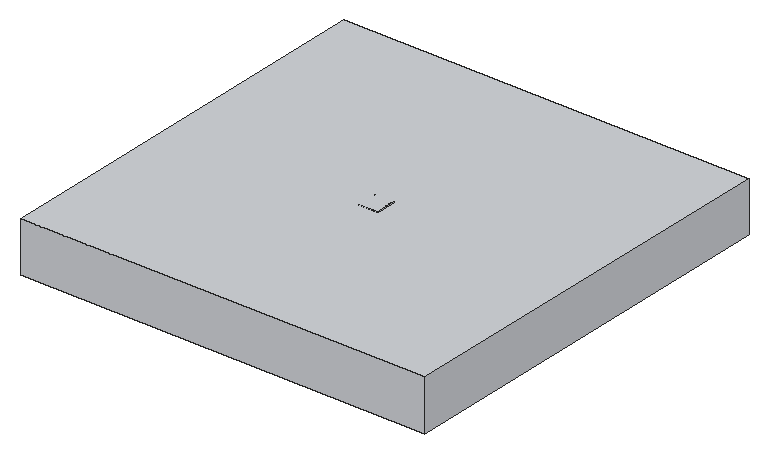
Revit family "ec180c3c418c473a980c4634f18533a3", category Electrical Fixtures, host Face, Revit 2021
Family settings
  Host = Face
  Maintain Annotation Orientation = Yes
  Round Connector Dimension = Use Diameter
  Part Type = Normal
  OmniClass Number = 23.80.50.11.17
  OmniClass Title = Ground Fault Receptacles
  Seek Item ID = Quadruplex Receptacle-0000-USA-ENU
  Cut with Voids When Loaded = No
  Shared = No
  Room Calculation Point = No
Parameters (values of type "GFCI")
  Switch Voltage = 120 V
  Switch Number of Poles = 1
  Receptacle Material = none
  Load Classification = Receptacle
  Lable = "GFCI"
  Default Elevation = 4' - 0"
  Assembly Code = ""
  Apparent Load = 360 VA
Types (2): name | Lable | Default Elevation
  GFCI | "GFCI" | 4' - 0"
  Plain | "" | 1' - 6"
Reference planes (in)
  plane 1 "Center (Front/Back)": y = 0
  plane 2: z = 0
  plane 3 "Center (Left/Right)": x = 0
  plane 4: x = -2.25
  plane 5: x = 2.25
  plane 6: y = -4.75
  plane 7: y = -0.375
  plane 8: y = -4.375
  plane 9: x = -1.75
  plane 10: x = 1.75
  plane 11: z = -0.1875
  plane 12: z = -2.6875
  plane 13: z = -1.4375
Forms (in)
  Extrusion 1, solid
    sketch origin (0, 0, 0) x (1, 0, 0) y (0, 1, 0)
      loop
        line (-48, 48) -> (-48, -48) -> (48, -48) -> (48, 48) -> (-48, 48)
    from 0 to -12
  Extrusion 2, solid, material <- "Receptacle Material"
    sketch origin (0, 0, 0) x (1, 0, 0) y (0, 1, 0)
      loop
        line (-2.25, 0) -> (-2.25, -4.75) -> (2.25, -4.75) -> (2.25, 0) -> (-2.25, 0)
    from -0.1875 to 0
  Extrusion 3, solid, material <- "Receptacle Material"
    sketch origin (0, 0, 0) x (1, 0, 0) y (0, 1, 0)
      loop
        line (-1.75, -0.375) -> (-1.75, -4.375) -> (1.75, -4.375) -> (1.75, -0.375) -> (-1.75, -0.375)
    from -2.6875 to -0.1875
Lines and regions (in)
  symbolic lines, detail levels fine
    curve 1: line (2.25, 0, 0) -> (-2.25, 0, 0)
    curve 2: line (2.25, 0, -0.1875) -> (2.25, 0, 0)
    curve 3: line (-2.25, 0, -0.1875) -> (2.25, 0, -0.1875)
    curve 4: line (-2.25, 0, 0) -> (-2.25, 0, -0.1875)
    curve 5: line (1.75, 0, -2.6875) -> (-1.75, 0, -2.6875)
    curve 6: line (1.75, 0, -0.1875) -> (1.75, 0, -2.6875)
    curve 7: line (-1.75, 0, -2.6875) -> (-1.75, 0, -0.1875)
Dimensions and locks (in)
  locked: plane 1 "Center (Front/Back)" to plane 6 at 4.75
  plane 1 "Center (Front/Back)" to plane 7 = 0' - 0 3/8"
  locked: plane 8 to plane 6 at 0.375
  locked: plane 4 to plane 5 at 4.5
  equal spacing: plane 4, plane 3 "Center (Left/Right)", plane 5
  locked: plane 4 to plane 9 at 0.5
  locked: plane 10 to plane 5 at 0.5
  locked: plane 2 to plane 11 at 0.1875
  locked: plane 11 to plane 13 at 1.25
  locked: plane 11 to plane 12 at 2.5
  aligned and locked: plane 2 to Extrusion 1
  aligned and locked: level to Extrusion 1
  aligned and locked: plane 4 to Extrusion 2 sketch curve
  aligned and locked: plane 1 "Center (Front/Back)" to Extrusion 2 sketch curve
  aligned and locked: plane 6 to Extrusion 2 sketch curve
  aligned and locked: Extrusion 2 sketch curve to plane 5
  aligned and locked: Extrusion 2 to plane 11
  aligned and locked: plane 2 to Extrusion 2
  aligned and locked: plane 9 to Extrusion 3 sketch curve
  aligned and locked: Extrusion 3 sketch curve to plane 7
  aligned and locked: plane 8 to Extrusion 3 sketch curve
  aligned and locked: Extrusion 3 sketch curve to plane 10
  aligned and locked: Extrusion 3 to plane 12
  aligned and locked: plane 11 to Extrusion 3
  aligned and locked: curve 4 to plane 4
  aligned and locked: plane 5 to curve 2
  aligned and locked: curve 3 to plane 11
  aligned and locked: plane 2 to curve 1
  aligned and locked: curve 7 to plane 9
  aligned and locked: plane 10 to curve 6
  aligned and locked: plane 12 to curve 5
Automatic sketch dimensions
  Extrusion 1 sketch curve to Extrusion 1 sketch curve = 8' - 0"  (x2)
Nested families (in)
  nested 1: "Quadruplex Annotation" at (0, 0, 0), type "Quadruplex Annotation", detail levels coarse+medium
Connectors (in)
  electrical at (0, -4.375, -1.4375), driven by "Apparent Load", driven by "Switch Voltage", driven by "Switch Number of Poles", driven by "Load Classification"
    settings: on Extrusion 3, index 1, voltage 120 V, apparent load 0 VA, apparent load phase1 360 VA, apparent load phase2 0 VA, apparent load phase3 0 VA, power factor 1, load classification "Receptacle", number of poles 1, system type 31, power factor state 1, is connector primary yes, connector utility no, sub classification motor no, connector description ""
Definition of nested family "Quadruplex Annotation"
  Parameters
    A = ""
  Reference planes (in)
    plane 1: y = 0
    plane 2: x = 0
  Lines and regions (in)
    detail lines
      curve 1: line (-0.01758, 0, 0) -> (-0.01758, 0.17188, 0)
      curve 2: circle (0, 0.12009, 0) r 0.05469 normal (0, 0, 1)
      curve 3: line (0.01758, 0, 0) -> (0.01758, 0.17187, 0)
      curve 4: line (0.08594, 0.10251, 0) -> (-0.08594, 0.10251, 0)
      curve 5: line (0.08594, 0.13767, 0) -> (-0.08594, 0.13767, 0)
  Text (in)
    label "A" at (0.04787, 0.01574, 0), shows "A"
  Dimensions and locks (in)
    equal spacing: curve 1, plane 2, curve 3
    locked: plane 2 to curve 3 at 0.01758
    locked: plane 1 to curve 4 at 0.10251
    locked: curve 5 to curve 4 at 0.03516
    aligned and locked: plane 2 to curve 2
